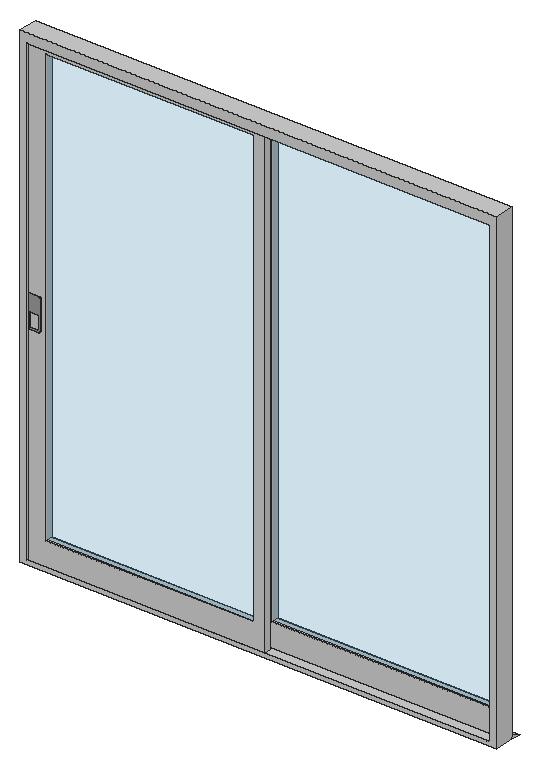
Revit family "Door-Slider-Fleetwood-3070-OX", category Doors, host Wall, Revit 2013
Parameters (values of type "Archetype Hardware_Narrow Fixed Stile")
  Wall_Thickness [instance] = 1' - 0"
  URL = "www.fleetwoodusa.com"
  Thickness = 0' 1 29/32" * Number_Of_Tracks  # 0' - 3 13/16"
  Rough Width = Width + 0' 0 1/2"  # 8' - 0 1/2"
  Rough Height = Height + 0' 0 1/4"  # 8' - 0 1/4"
  Panel_Height [instance] = Height - 0' 1 17/32"  # 7' - 10 15/32"
  Panel_2_Configuration = 3070_EX_Panel : Active Lead Panel Right Archetype
  Panel_2 = Width - Centerline_Calc + 0' 0 17/256"  # 4' - 0 17/256"
  Panel_1_Configuration = 3070_EX_Panel : Fixed Panel Narrow Fixed Stile
  Panel_1 = Centerline_Calc + 0' 0 71/256"  # 4' - 0 71/256"
  Number_Of_Tracks = 2  # constant formula
  Model = "3070"
  Manufacturer = "Fleetwood Windows and Doors"
  Interior Wrap Overhang = 0' - 0 1/2"
  Hardware = Stainless Steel, Brushed
  Glazing = Glass
  Frame_&_Panel = Aluminum, Anodized Clear
  Equal_Centerlines = if(Centerline_1 > 0' 6", 1 > 2, 1 < 2)  # yes
  Centerline_Calc = if(Centerline_1 < 0' 6", Width / 2, Centerline_1)  # 4' - 0"
  Centerline_1 = 0' - 0"
  Exterior Wrap Overhang = 0' - 0 1/2"
  Frame_Set_Back [instance] = (Wall_Thickness - Thickness) / 2  # 0' - 4 3/32"
  Function = Exterior
  Height = 8' - 0"
  Wall Closure = By host
  Width = 8' - 0"
  Configuration = "OX"
  Analytic Construction = "<None>"
  Actuator_Height = 4' - 5 3/4"
Types (6): name | Panel_2_Configuration | Panel_1_Configuration | Actuator_Height
  Archetype Hardware_Archetype Narrow Fixed Stile | 3070_EX_Panel : Active Lead Panel Right Archetype | 3070_EX_Panel : Fixed Panel Archetype Narrow Stile | 4' - 5 3/4"
  Archetype Hardware_Archetype Fixed Stile | 3070_EX_Panel : Active Lead Panel Right Archetype | 3070_EX_Panel : Fixed Panel Archetype Stile | 4' - 5 3/4"
  Archetype Narrow Hardware_Narrow Fixed Stile | 3070_EX_Panel : Active Lead Panel Right Archetype Narrow | 3070_EX_Panel : Fixed Panel Narrow Fixed Stile | 3' - 10"
  Archetype Narrow Hardware_Archetype Narrow Fixed Stile | 3070_EX_Panel : Active Lead Panel Right Archetype Narrow | 3070_EX_Panel : Fixed Panel Archetype Narrow Stile | 3' - 10"
  Archetype Narrow Hardware_Archetype Fixed Stile | 3070_EX_Panel : Active Lead Panel Right Archetype Narrow | 3070_EX_Panel : Fixed Panel Archetype Stile | 3' - 10"
  Archetype Hardware_Narrow Fixed Stile | 3070_EX_Panel : Active Lead Panel Right Archetype | 3070_EX_Panel : Fixed Panel Narrow Fixed Stile | 4' - 5 3/4"
Reference planes (in)
  plane 1 "Center (Front/Back)": y = 0
  plane 2 "Center (Left/Right)": x = 0
  plane 3 "Left": x = -48.25
  plane 4 "Right": x = 48.25
  plane 5 "Top": z = 96.25
  plane 6 "Exterior": y = 6
  plane 7 "Interior": y = -6
  plane 8 "Exterior Wrap Depth": y = 1.90625
  plane 9 "Interior Wrap Depth": y = -1.90625
  plane 10 "Right Frame": x = 48
  plane 11 "Left Frame": x = -48
  plane 12 "Exerier Wrap Left": x = -47.75
  plane 13 "Exterior Wrap Right": x = 47.5
  plane 14 "Exterior Wrap Top": z = 95.75
  plane 15 "Interior Wrap Left": x = -47.75
  plane 16 "Interior Wrap Right": x = 47.75
  plane 17 "Interior Wrap Top": z = 95.75
  plane 18 "Frame Top": z = 96
  plane 19 "Vent Height": z = 93.96094
  plane 20: x = -47.0275
  plane 21: x = 47.2421
  plane 22: z = 0.302
  plane 23: y = -0.95225
  plane 24: y = 0.954
Forms (in)
  Extrusion 1, void
    sketch origin (0, 0, 0) x (1, 0, 0) y (0, 1, 0)
      loop
        line (-47.75, 6) -> (-47.75, 1.90625) -> (47.5, 1.90625) -> (47.5, 6) -> (-47.75, 6)
    from 0 to 95.75
  Extrusion 2, void
    sketch origin (0, 0, 0) x (1, 0, 0) y (0, 1, 0)
      loop
        line (-48.25, 1.90625) -> (-48.25, -1.90625) -> (48.25, -1.90625) -> (48.25, 1.90625) -> (-48.25, 1.90625)
    from 0 to 96.25
  Extrusion 3, void
    sketch origin (0, 0, 0) x (1, 0, 0) y (0, 1, 0)
      loop
        line (-47.75, -1.90625) -> (-47.75, -6) -> (47.75, -6) -> (47.75, -1.90625) -> (-47.75, -1.90625)
    from 0 to 95.75
Lines and regions (in)
  symbolic lines
    curve 1: line (-47.75, 9, 0) -> (-35.75, 9, 0)
    curve 2: line (-39.75, 7, 0) -> (-35.75, 9, 0)
    curve 3: line (-39.75, 11, 0) -> (-35.75, 9, 0)
  symbolic lines, not visible
    curve 4: line (-41.80247, 12.37674, 0) -> (-29.80247, 12.37674, 0)
    curve 5: line (-33.80247, 10.37674, 0) -> (-29.80247, 12.37674, 0)
    curve 6: line (-33.80247, 14.37674, 0) -> (-29.80247, 12.37674, 0)
Text (in)
  text "Exterior" at (-74.96733, 27.31104, 0), in view "Ref. Level"
  text "Interior" at (-74.96733, -25.14366, 0), in view "Ref. Level"
  text "Exterior" at (0, 40.15149, 123.01588), in view "Right"
  text "Interior" at (0, -64.39139, 123.01588), in view "Right"
  text "Interior" at (0, -31.01599, 123.00693), in view "Left"
  text "Exterior" at (0, 54.57065, 123.00693), in view "Left"
Dimensions and locks (in)
  equal spacing: plane 3 "Left", plane 2 "Center (Left/Right)", plane 4 "Right"
  plane 3 "Left" to plane 4 "Right" = 8' - 0 1/2"
  "Frame_Set_Back": plane 8 "Exterior Wrap Depth" to plane 6 "Exterior"
  "Exterior Wrap Overhang": plane 13 "Exterior Wrap Right" to plane 10 "Right Frame"
  "Exterior Wrap Overhang": plane 3 "Left" to plane 12 "Exerier Wrap Left"
  "Thickness": plane 8 "Exterior Wrap Depth" to plane 9 "Interior Wrap Depth"
  "Exterior Wrap Overhang": plane 14 "Exterior Wrap Top" to plane 5 "Top"
  "Interior Wrap Overhang": plane 3 "Left" to plane 15 "Interior Wrap Left"
  "Interior Wrap Overhang": plane 16 "Interior Wrap Right" to plane 4 "Right"
  "Interior Wrap Overhang": plane 17 "Interior Wrap Top" to plane 5 "Top"
  "Rough Height": level to plane 5 "Top"
  "Rough Width": plane 3 "Left" to plane 4 "Right"
  "Width": plane 11 "Left Frame" to plane 10 "Right Frame"
  "Height": level to plane 18 "Frame Top"
  equal spacing: plane 11 "Left Frame", plane 2 "Center (Left/Right)", plane 10 "Right Frame"
  locked: plane 19 "Vent Height" to plane 18 "Frame Top" at 2.03906
  locked: plane 6 "Exterior" to curve 1 at 3
  "Wall_Thickness": host wall to host wall
  plane 11 "Left Frame" to plane 20 = 0' - 0.9725"
  locked: plane 21 to plane 10 "Right Frame" at 0.7579
  locked: level to plane 22 at 0.302
  locked: plane 23 to plane 9 "Interior Wrap Depth" at 0.954
  locked: plane 24 to plane 9 "Interior Wrap Depth" at 2.86025
  aligned and locked: plane 6 "Exterior" to host wall
  aligned and locked: plane 7 "Interior" to host wall
  aligned and locked: Extrusion 1 sketch curve to plane 8 "Exterior Wrap Depth"
  aligned and locked: plane 6 "Exterior" to Extrusion 1 sketch curve
  aligned and locked: plane 12 "Exerier Wrap Left" to Extrusion 1 sketch curve
  aligned and locked: plane 13 "Exterior Wrap Right" to Extrusion 1 sketch curve
  aligned and locked: Extrusion 1 to plane 14 "Exterior Wrap Top"
  aligned and locked: plane 4 "Right" to Extrusion 2 sketch curve
  aligned and locked: plane 8 "Exterior Wrap Depth" to Extrusion 2 sketch curve
  aligned and locked: plane 9 "Interior Wrap Depth" to Extrusion 2 sketch curve
  aligned and locked: Extrusion 2 sketch curve to plane 3 "Left"
  aligned and locked: Extrusion 2 to plane 5 "Top"
  aligned and locked: Extrusion 3 sketch curve to plane 15 "Interior Wrap Left"
  aligned and locked: plane 16 "Interior Wrap Right" to Extrusion 3 sketch curve
  aligned and locked: Extrusion 3 sketch curve to plane 9 "Interior Wrap Depth"
  aligned and locked: Extrusion 3 sketch curve to plane 7 "Interior"
  aligned and locked: Extrusion 3 to plane 17 "Interior Wrap Top"
  aligned and locked: plane 15 "Interior Wrap Left" to curve 1
  aligned and locked: plane 2 "Center (Left/Right)" to nested 1
  aligned and locked: nested 1 to plane 9 "Interior Wrap Depth"
  aligned and locked: plane 20 to nested 2
  aligned and locked: plane 23 to nested 2
  aligned and locked: plane 22 to nested 3
  aligned and locked: nested 3 to plane 24
  aligned and locked: plane 21 to nested 3
Nested families (in)
  nested 1: "3070-EX_Frame" at (0, 0, 0), Number_Of_Tracks <- "Number_Of_Tracks", Net Frame Width <- "Width", Net Frame Height <- "Height", Frame Finish <- "Frame_&_Panel", type "3070-EX_Frame"
    with Track Width 0' - 3 13/16", Sill_Riser yes, Number_Of_Tracks 2, Net Frame Width 8' - 0", Net Frame Height 8' - 0", Frame Finish Aluminum, Anodized Clear
  nested 2: "3070_EX_Panel" at (-23.0275, -0.95225, 0.302) x (-1, 0, 0) z (0, 0, 1), type <- "Panel_2_Configuration", Panel_Width <- "Panel_2", Panel_Height <- "Panel_Height", Glazing_Material <- "Glazing", Hardware_Finish <- "Hardware", Panel_Finish <- "Frame_&_Panel", Actuator_Height <- "Actuator_Height", type "Active Lead Panel Right Archetype"
    with Panel_Width 4' - 0 17/256", Panel_Height 7' - 10 15/32", Panel_Finish Aluminum, Anodized Clear, Hardware_Finish Stainless Steel, Brushed, Glazing_Material Glass, Glass_Width 3' - 6.02339", Actuator_Height 4' - 5 3/4"
  nested 3: "3070_EX_Panel" at (23.2421, 0.954, 0.302), type <- "Panel_1_Configuration", Panel_Width <- "Panel_1", Panel_Finish <- "Frame_&_Panel", Hardware_Finish <- "Hardware", Glazing_Material <- "Glazing", Panel_Height <- "Panel_Height", Actuator_Height <- "Actuator_Height", type "Fixed Panel Narrow Fixed Stile"
    with Panel_Width 4' - 0 71/256", Panel_Height 7' - 10 15/32", Panel_Finish Aluminum, Anodized Clear, Hardware_Finish Stainless Steel, Brushed, Glazing_Material Glass, Glass_Width 3' - 9.18363", Actuator_Height 4' - 5 3/4"
Definition of nested family "3070-EX_Frame"
  Parameters (values of type "3070-EX_Frame")
    Track Width [instance] = 0' 1 29/32" * Number_Of_Tracks  # 0' - 3 13/16"
    Sill_Riser [instance] = yes
    Number_Of_Tracks [instance] = 2
    Net Frame Width [instance] = 8' - 0"
    Net Frame Height [instance] = 8' - 0"
    Manufacturer = "Fleetwoo Windows And Doors"
    Frame Finish [instance] = Aluminum, Anodized Silver
    Default Elevation = 4' - 0"
  Reference planes (in)
    plane 1 "Center (Front/Back)": y = 0
    plane 2: z = 0
    plane 3 "Center (Left/Right)": x = 0
    plane 4: x = -48
    plane 5: x = 48
    plane 6: y = 1.90625
    plane 7: y = -1.90625
    plane 8: x = 46.65625
    plane 9: x = -46.65625
    plane 10: z = 0.71094
    plane 11: z = 96
    plane 12: z = 94.07422
    plane 13: y = 3.8125
  Forms (in)
    Extrusion 1, solid
      sketch origin (0, 0, 0) x (1, 0, 0) y (0, 1, 0)
        loop
          line (-48, 48) -> (-48, -48) -> (48, -48) -> (48, 48) -> (-48, 48)
      from 0 to -12
    Extrusion 2, solid, material "Aluminum, Anodized Silver" <- "Frame Finish"
      sketch origin (0, 0, 0) x (1, 0, 0) y (0, 0, 1)
        loop
          line (-48, 96) -> (-48, 0) -> (48, 0) -> (48, 96) -> (-48, 96)
        loop
          line (46.65625, 94.07422) -> (-46.65625, 94.07422) -> (-46.65625, 0.71094) -> (46.65625, 0.71094) -> (46.65625, 94.07422)
      from -1.90625 to 1.90625
    Extrusion 3, solid, material "Aluminum, Anodized Silver" <- "Frame Finish", visible <- "Sill_Riser"
      sketch origin (0, 0, 0) x (0, -1, 0) y (0, 0, -1)
        loop
          line (-1.90625, -0.71094) -> (-1.90625, 0) -> (-3.81425, 0) -> (-1.90625, -0.71094)
      from -48 to 48
  Lines and regions (in)
    Masking region 1
      outline origin (0, 0, 0) x (1, 0, 0) y (0, 1, 0)
        loop
          line (48, 1.90625) -> (-48, 1.90625) -> (-48, -1.90625) -> (48, -1.90625) -> (48, 1.90625)
    Masking region 2, visible <- "Sill_Riser"
      outline origin (0, 0, 0) x (1, 0, 0) y (0, 1, 0)
        loop
          line (48, 1.90625) -> (48, 3.8125) -> (-48, 3.8125) -> (-48, 1.90625) -> (48, 1.90625)
    symbolic lines
      curve 1: line (-46.65625, 1.90625, 0) -> (-46.65625, -1.90625, 0)
      curve 2: line (46.65625, 1.90625, 0) -> (46.65625, -1.90625, 0)
  Dimensions and locks (in)
    equal spacing: plane 4, plane 3 "Center (Left/Right)", plane 5
    "Net Frame Width": plane 4 to plane 5
    "Track Width": plane 7 to plane 6
    equal spacing: plane 7, plane 1 "Center (Front/Back)", plane 6
    locked: plane 8 to plane 5 at 1.34375
    locked: plane 4 to plane 9 at 1.34375
    locked: plane 10 to level at 0.71094
    "Net Frame Height": plane 11 to level
    locked: plane 11 to plane 12 at 1.92578
    locked: plane 6 to plane 13 at 1.90625
    aligned and locked: plane 2 to Extrusion 1
    aligned and locked: level to Extrusion 1
    aligned and locked: Extrusion 2 sketch curve to plane 11
    aligned and locked: plane 4 to Extrusion 2 sketch curve
    aligned and locked: Extrusion 2 sketch curve to plane 5
    aligned and locked: plane 2 to Extrusion 2 sketch curve
    aligned and locked: Extrusion 2 sketch curve to plane 9
    aligned and locked: Extrusion 2 sketch curve to plane 10
    aligned and locked: plane 8 to Extrusion 2 sketch curve
    aligned and locked: plane 12 to Extrusion 2 sketch curve
    aligned and locked: Extrusion 2 to plane 6
    aligned and locked: plane 7 to Extrusion 2
    aligned and locked: plane 10 to Extrusion 3
    aligned and locked: plane 6 to Extrusion 3
    aligned and locked: Extrusion 3 to Extrusion 1
    aligned and locked: Extrusion 1 to Extrusion 3
    aligned and locked: plane 5 to Extrusion 3
    aligned and locked: Extrusion 3 to plane 4
    aligned and locked: Masking region 1 sketch curve to plane 4
    aligned and locked: plane 7 to Masking region 1 sketch curve
    aligned and locked: Masking region 1 sketch curve to plane 6
    aligned and locked: plane 5 to Masking region 1 sketch curve
    aligned and locked: plane 4 to Masking region 2 sketch curve
    aligned and locked: plane 13 to Masking region 2 sketch curve
    aligned and locked: Masking region 2 sketch curve to plane 6
    aligned and locked: Masking region 2 sketch curve to plane 5
    aligned and locked: plane 6 to curve 1
    aligned and locked: plane 7 to curve 1
    aligned and locked: curve 1 to plane 9
    aligned and locked: plane 6 to curve 2
    aligned and locked: plane 7 to curve 2
    aligned and locked: curve 2 to plane 8
  Automatic sketch dimensions
    Extrusion 1 sketch curve to Extrusion 1 sketch curve = 8' - 0"  (x2)
    Extrusion 3 sketch curve to level = 0' - 0"
    Extrusion 3 sketch curve to plane 6 = 0' - 0"
    Extrusion 3 sketch curve to plane 10 = 0' - 0"
    Extrusion 3 sketch curve to plane 13 = 0' - 0.00175"
Definition of nested family "3070_EX_Panel"
  Parameters (values of type "Fixed Panel Archetype Narrow Stile")
    Top_Rail = if(Bottom_Rail_As_Top, 0' 5 19/128", 0' 1 59/128")  # 0' - 1 59/128"
    Stile_Condition = 2
    Sightline_Extender_Condition = 0
    Right_Stile = if(or(Archetype_Stile, Archetype_Inactive_Panel), 0' 3.9688", if(or(Archetype_Narrow_Inactive_Panel, Archetype_Narrow_Stile), 0' 2.9102", if(Narrow_Fixed_Stile, 0' 1.0195", 0' 2 19/256")))  # 0' - 2.9102"
    Panel_Width [instance] = 4' - 0"
    Panel_Height [instance] = 7' - 0"
    Panel_Finish [instance] = none
    Narrow_Fixed_Stile = Stile_Condition = 3  # no
    Model = ""
    Manufacturer = "Fleetwood Windows And Doors"
    Left_Stile = if([1_Sightline_Extender], 0' 3 19/256", if([2.5_Sightline_Extender], 0' 4 147/256", if([3.5_Sightline_Extender], 0' 5 147/256", 0' 2 19/256")))  # 0' - 2 19/256"
    Hardware_Finish [instance] = none
    Glass_Width [instance] = Panel_Width - (Right_Stile + Left_Stile)  # 3' - 7.01558"
    Double_Arrow = no
    Arrow = no
    Archetype_Narrow_Inactive_Panel = Stile_Condition = 9  # no
    Archetype_Narrow_Hardware_L = Stile_Condition = 7  # no
    Archetype_Narrow_Hardware = no
    Archetype_Inactive_Panel = Stile_Condition = 8  # no
    Archetype_Flush_Pulls = no
    Glazing_Material [instance] = none
    Glass_Thickness = 0' - 1"
    Description = ""
    Bottom_Rail_As_Top = no
    Bottom_Rail = 0' - 5 19/128"  # constant formula
    Archetype_Narrow_Stile = or(Stile_Condition = 2, Stile_Condition = 6, Stile_Condition = 7, Stile_Condition = 9)  # yes
    Archetype_Stile = or(Stile_Condition = 1, Stile_Condition = 4, Stile_Condition = 5, Stile_Condition = 8)  # no
    Archetype_Narrow_Hardware_R = Stile_Condition = 6  # no
    Archetype_Hardware_Right = Stile_Condition = 5  # no
    Archetype_Hardware_Left = Stile_Condition = 4  # no
    Archetype_Actuator = or(Archetype_Hardware_Right, Archetype_Hardware_Left)  # no
    Actuator_Height [instance] = 4' - 5 3/4"
    3.5_Sightline_Extender = Sightline_Extender_Condition = 3  # no
    2.5_Sightline_Extender = Sightline_Extender_Condition = 2  # no
    1_Sightline_Extender = Sightline_Extender_Condition = 1  # no
  Types (13): name | Stile_Condition | Sightline_Extender_Condition | Right_Stile | Narrow_Fixed_Stile | Left_Stile | Glass_Width | Double_Arrow | Arrow | Archetype_Narrow_Inactive_Panel | Archetype_Narrow_Hardware_L | Archetype_Narrow_Hardware | Archetype_Inactive_Panel | Archetype_Flush_Pulls | Description | Archetype_Narrow_Stile | Archetype_Stile | Archetype_Narrow_Hardware_R | Archetype_Hardware_Right | Archetype_Hardware_Left | Archetype_Actuator | Actuator_Height | 3.5_Sightline_Extender | 2.5_Sightline_Extender | 1_Sightline_Extender
    Sliding Panel  Interlock and Interlock | 0 | 0 | 0' - 2 19/256" | no | 0' - 2 19/256" | 3' - 7 109/128" | yes | yes | no | no | no | no | no | "" | no | no | no | no | no | no | 4' - 5 3/4" | no | no | no
    Pocket Panel 1" Sightline Extender | 0 | 1 | 0' - 2 19/256" | no | 0' - 3 19/256" | 3' - 6 109/128" | no | yes | no | no | no | no | no | "" | no | no | no | no | no | no | 4' - 5 3/4" | no | no | yes
    Pocket Panel 2.5" Sightline Extender | 0 | 2 | 0' - 2 19/256" | no | 0' - 4 147/256" | 3' - 5 45/128" | no | yes | no | no | no | no | no | "" | no | no | no | no | no | no | 4' - 5 3/4" | no | yes | no
    Pocket Panel 3.5" Sightline Extender | 0 | 3 | 0' - 2 19/256" | no | 0' - 5 147/256" | 3' - 4 45/128" | no | yes | no | no | no | no | no | "" | no | no | no | no | no | no | 4' - 5 3/4" | yes | no | no
    Active Lead Panel Right Archetype | 5 | 0 | 0' - 3.9688" | no | 0' - 2 19/256" | 3' - 5.95698" | no | yes | no | no | no | no | yes | "Fleetwood Sliding Door Panel" | no | yes | no | yes | no | yes | 4' - 5 15/16" | no | no | no
    Active Lead Panel Right Archetype Narrow | 6 | 0 | 0' - 2.9102" | no | 0' - 2 19/256" | 3' - 7.01558" | no | yes | no | no | yes | no | no | "" | yes | no | yes | no | no | no | 4' - 5 3/4" | no | no | no
    Fixed Panel Narrow Fixed Stile | 3 | 0 | 0' - 1.0195" | yes | 0' - 2 19/256" | 3' - 8.90628" | no | no | no | no | no | no | no | "" | no | no | no | no | no | no | 4' - 5 3/4" | no | no | no
    Fixed Panel Archetype Narrow Stile | 2 | 0 | 0' - 2.9102" | no | 0' - 2 19/256" | 3' - 7.01558" | no | no | no | no | no | no | no | "" | yes | no | no | no | no | no | 4' - 5 3/4" | no | no | no
    Fixed Panel Archetype Stile | 1 | 0 | 0' - 3.9688" | no | 0' - 2 19/256" | 3' - 5.95698" | no | no | no | no | no | no | no | "" | no | yes | no | no | no | no | 4' - 5 3/4" | no | no | no
    Active Lead Panel Left Archetype | 4 | 0 | 0' - 3.9688" | no | 0' - 2 19/256" | 3' - 5.95698" | no | yes | no | no | no | no | yes | "" | no | yes | no | no | yes | yes | 4' - 5 15/16" | no | no | no
    Active Lead Panel Left Archetype Narrow | 7 | 0 | 0' - 2.9102" | no | 0' - 2 19/256" | 3' - 7.01558" | no | yes | no | yes | yes | no | no | "" | yes | no | no | no | no | no | 4' - 5 3/4" | no | no | no
    Archetype_Inactive_Panel | 8 | 0 | 0' - 3.9688" | no | 0' - 2 19/256" | 3' - 5.95698" | no | yes | no | no | no | yes | no | "" | no | yes | no | no | no | no | 4' - 5 3/4" | no | no | no
    Archetype_Narrow_Inactive_Panel | 9 | 0 | 0' - 2.9102" | no | 0' - 2 19/256" | 3' - 7.01558" | no | yes | yes | no | yes | no | no | "" | yes | no | no | no | no | no | 4' - 5 3/4" | no | no | no
  Reference planes (in)
    plane 1 "Center (Front/Back)": y = 0
    plane 2: z = 0
    plane 3 "Center (Left/Right)": x = 0
    plane 4: y = -0.71484
    plane 5: y = 0.71484
    plane 6: x = -24
    plane 7: x = 24
    plane 8: z = 84
    plane 9: z = 5.14844
    plane 10: z = 82.53906
    plane 11: x = 21.0898
    plane 12: x = -21.92578
    plane 13: y = 0.5
    plane 14: y = -0.5
    plane 15: z = 53.75
    plane 16: x = 22.22656
    plane 17: y = 0
    plane 18: x = 22.74609
    plane 19: x = -22.96289
    plane 20: z = 42
    plane 21: x = -6
    plane 22: x = 6
    plane 23: x = -2
    plane 24: x = 2
  Forms (in)
    Extrusion 1, solid, material <- "Panel_Finish"
      sketch origin (0, 0, 0) x (1, 0, 0) y (0, 0, 1)
        loop
          line (24, 84) -> (-24, 84) -> (-24, 0) -> (24, 0) -> (24, 84)
        loop
          line (-21.92578, 5.14844) -> (21.0898, 5.14844) -> (21.0898, 82.53906) -> (-21.92578, 82.53906) -> (-21.92578, 5.14844)
      from -0.71484 to 0.71484
    Extrusion 2, solid, material <- "Glazing_Material"
      sketch origin (0, 0, 0) x (1, 0, 0) y (0, 0, 1)
        loop
          line (-21.92578, 82.53906) -> (-21.92578, 5.14844) -> (21.0898, 5.14844) -> (21.0898, 82.53906) -> (-21.92578, 82.53906)
      from -0.5 to 0.5
  Lines and regions (in)
    Masking region 1
      outline origin (0, 0, 0) x (1, 0, 0) y (0, 1, 0)
        loop
          line (-24, 0.71484) -> (-24, -0.71484) -> (24, -0.71484) -> (24, 0.71484) -> (-24, 0.71484)
    symbolic lines, visible <- "Arrow"
      curve 1: line (6, -0.71484, 42) -> (-6, -0.71484, 42)
      curve 2: line (-2, -0.71484, 40) -> (-6, -0.71484, 42)
      curve 3: line (-2, -0.71484, 44) -> (-6, -0.71484, 42)
    symbolic lines, visible <- "Double_Arrow"
      curve 4: line (2, -0.71484, 40) -> (6, -0.71484, 42)
      curve 5: line (2, -0.71484, 44) -> (6, -0.71484, 42)
  Dimensions and locks (in)
    equal spacing: plane 4, plane 1 "Center (Front/Back)", plane 5
    locked: plane 4 to plane 5 at 1.42969
    equal spacing: plane 6, plane 3 "Center (Left/Right)", plane 7
    "Panel_Width": plane 6 to plane 7
    "Panel_Height": plane 8 to plane 2
    "Bottom_Rail": plane 9 to level
    "Right_Stile": plane 7 to plane 11
    "Left_Stile": plane 12 to plane 6
    "Top_Rail": plane 8 to plane 10
    equal spacing: plane 14, plane 1 "Center (Front/Back)", plane 13
    "Glass_Thickness": plane 14 to plane 13
    "Actuator_Height": plane 15 to level
    locked: plane 7 to plane 16 at 1.77344
    locked: plane 18 to plane 7 at 1.25391
    locked: plane 6 to plane 19 at 1.03711
    equal spacing: plane 8, plane 20, level
    plane 22 to plane 3 "Center (Left/Right)" to plane 21 = 0' - 6" locked, 0' - 6" locked
    locked: plane 23 to plane 21 at 4
    locked: plane 22 to plane 24 at 4
    curve 3 to plane 20 to curve 2 = 0' - 2" locked, 0' - 2" locked
    locked: plane 15 to nested 1 at 5
    aligned and locked: plane 2 to level
    aligned and locked: plane 8 to Extrusion 1 sketch curve
    aligned and locked: plane 7 to Extrusion 1 sketch curve
    aligned and locked: Extrusion 1 sketch curve to plane 2
    aligned and locked: Extrusion 1 sketch curve to plane 6
    aligned and locked: Extrusion 1 sketch curve to plane 12
    aligned and locked: plane 10 to Extrusion 1 sketch curve
    aligned and locked: plane 11 to Extrusion 1 sketch curve
    aligned and locked: Extrusion 1 sketch curve to plane 9
    aligned and locked: Extrusion 1 to plane 5
    aligned and locked: plane 4 to Extrusion 1
    aligned and locked: Extrusion 2 sketch curve to plane 10
    aligned and locked: plane 12 to Extrusion 2 sketch curve
    aligned and locked: plane 9 to Extrusion 2 sketch curve
    aligned and locked: Extrusion 2 sketch curve to plane 11
    aligned and locked: Extrusion 2 to plane 13
    aligned and locked: plane 14 to Extrusion 2
    aligned and locked: plane 1 "Center (Front/Back)" to nested 1
    aligned and locked: plane 16 to nested 1
    aligned and locked: plane 15 to nested 2
    aligned and locked: plane 18 to nested 2
    aligned and locked: plane 1 "Center (Front/Back)" to nested 2
    aligned and locked: plane 5 to Masking region 1 sketch curve
    aligned and locked: plane 6 to Masking region 1 sketch curve
    aligned and locked: Masking region 1 sketch curve to plane 4
    aligned and locked: Masking region 1 sketch curve to plane 7
    aligned and locked: plane 21 to curve 2
    aligned and locked: curve 1 to curve 2
    aligned and locked: plane 20 to curve 1
    aligned and locked: plane 24 to curve 5
    aligned and locked: plane 24 to curve 4
    aligned and locked: plane 22 to curve 5
    aligned and locked: nested 3 to plane 15
    aligned and locked: plane 16 to nested 3
    aligned and locked: nested 3 to plane 1 "Center (Front/Back)"
    aligned and locked: nested 4 to plane 1 "Center (Front/Back)"
    aligned and locked: nested 4 to plane 16
  Automatic sketch dimensions
    curve 2 to plane 23 = 0' - 0"
    curve 3 to plane 23 = 0' - 0"
    curve 4 to plane 20 = 0' - 2"
    plane 20 to curve 5 = 0' - 2"
  Nested families (in)
    nested 1: "Archetype_Flush_Pulls" at (22.22656, 0, 42.25), Finish <- "Hardware_Finish", visible <- "Archetype_Flush_Pulls", type "Archetype_Flush_Pulls"
      with Finish none
    nested 2: "Archetype_Narrow_Hardware" at (22.74609, 0, 53.75), Finish <- "Hardware_Finish", Left <- "Archetype_Narrow_Hardware_L", visible <- "Archetype_Narrow_Hardware", Right <- "Archetype_Narrow_Hardware_R", type "Archetype_Narrow_Hardware", detail levels fine
      with Right no, Pulls_Only yes, Left no, Finish none
    nested 3: "Archetype_Actuator" at (22.22656, 0, 53.75) x (1, 0, 0) z (0, -1, 0), Finish <- "Hardware_Finish", visible <- "Archetype_Hardware_Left", type "Archetype_Actuator"
      with Finish none
    nested 4: "Archetype_Actuator" at (22.22656, 0, 53.9375) x (1, 0, 0) z (0, 1, 0), Finish <- "Hardware_Finish", visible <- "Archetype_Hardware_Right", type "Archetype_Actuator"
      with Finish none
  Definition of nested family "Archetype_Flush_Pulls"
    Parameters (values of type "Archetype_Flush_Pulls")
      Finish [instance] = none
    Reference planes (in)
      plane 1 "Center (Front/Back)": y = 0
      plane 2: z = 0
      plane 3 "Center (Left/Right)": x = 0
      plane 4: z = 6.5
      plane 5: z = 0.27344
      plane 6: z = 3.07422
      plane 7: y = -0.80469
      plane 8: y = 0.80469
      plane 9: y = -0.80469
      plane 10: x = 1.1875
      plane 11: x = -1.1875
      plane 12: x = 0.91406
      plane 13: x = -0.91406
      plane 14 "ext": y = -0.80469
      plane 15 "int": y = 0.80469
      plane 16: z = 6.21875
      plane 17: z = 3.35547
    Forms (in)
      Extrusion 1, solid, material <- "Finish", detail levels fine
        sketch origin (0, 0, 0) x (1, 0, 0) y (0, 0, 1)
          loop
            arc (-0.9375, 6.5) -> (-1.11428, 6.42678) -> (-1.1875, 6.25) r 0.25
            line (-1.1875, 6.25) -> (-1.1875, 0.25)
            arc (-1.1875, 0.25) -> (-1.11428, 0.07322) -> (-0.9375, 0) r 0.25
            line (-0.9375, 0) -> (0.9375, 0)
            arc (0.9375, 0) -> (1.11428, 0.07322) -> (1.1875, 0.25) r 0.25
            line (1.1875, 0.25) -> (1.1875, 6.25)
            arc (1.1875, 6.25) -> (1.11428, 6.42678) -> (0.9375, 6.5) r 0.25
            line (0.9375, 6.5) -> (-0.9375, 6.5)
        from -0.80469 to 0.80469
      Extrusion 2, void
        sketch origin (0, -0.80469, 0) x (-1, 0, 0) y (0, 0, 1)
          loop
            line (0.78906, 3.07422) -> (-0.78906, 3.07422)
            arc (-0.78906, 3.07422) -> (-0.87745, 3.03761) -> (-0.91406, 2.94922) r 0.125
            line (-0.91406, 2.94922) -> (-0.91406, 0.39844)
            arc (-0.91406, 0.39844) -> (-0.87745, 0.31005) -> (-0.78906, 0.27344) r 0.125
            line (-0.78906, 0.27344) -> (0.78906, 0.27344)
            arc (0.78906, 0.27344) -> (0.87745, 0.31005) -> (0.91406, 0.39844) r 0.125
            line (0.91406, 0.39844) -> (0.91406, 2.94922)
            arc (0.91406, 2.94922) -> (0.87745, 3.03761) -> (0.78906, 3.07422) r 0.125
        from 0 to 1
      Extrusion 3, void
        sketch origin (0, 0.80469, 0) x (-1, 0, 0) y (0, 0, 1)
          loop
            arc (-0.78906, 6.21875) -> (-0.87745, 6.18214) -> (-0.91406, 6.09375) r 0.125
            line (-0.91406, 6.09375) -> (-0.91406, 3.48047)
            arc (-0.91406, 3.48047) -> (-0.87745, 3.39208) -> (-0.78906, 3.35547) r 0.125
            line (-0.78906, 3.35547) -> (0.78906, 3.35547)
            arc (0.78906, 3.35547) -> (0.87745, 3.39208) -> (0.91406, 3.48047) r 0.125
            line (0.91406, 3.48047) -> (0.91406, 6.09375)
            arc (0.91406, 6.09375) -> (0.87745, 6.18214) -> (0.78906, 6.21875) r 0.125
            line (0.78906, 6.21875) -> (-0.78906, 6.21875)
        from 0 to -1
    Cuts and joins
      Extrusion 2, Extrusion 3 cuts Extrusion 1
    Dimensions and locks (in)
      locked: plane 4 to level at 6.5
      locked: plane 11 to plane 10 at 2.375
      locked: plane 12 to plane 10 at 0.27344
      locked: plane 11 to plane 13 at 0.27344
      locked: plane 6 to plane 5 at 2.80078
      equal spacing: plane 15 "int", plane 1 "Center (Front/Back)", plane 14 "ext"
      locked: plane 15 "int" to plane 14 "ext" at 1.60938
      locked: plane 5 to level at 0.27344
      locked: plane 4 to plane 16 at 0.28125
      locked: plane 17 to plane 6 at 0.28125
      aligned and locked: plane 2 to level
      aligned and locked: Extrusion 2 sketch curve to plane 6
      aligned and locked: plane 12 to Extrusion 2 sketch curve
      aligned and locked: plane 5 to Extrusion 2 sketch curve
      aligned and locked: Extrusion 2 sketch curve to plane 13
      aligned and locked: plane 12 to Extrusion 3 sketch curve
      aligned and locked: Extrusion 3 sketch curve to plane 16
      aligned and locked: Extrusion 3 sketch curve to plane 13
      aligned and locked: plane 17 to Extrusion 3 sketch curve
    Automatic sketch dimensions
      plane 11 to Extrusion 1 sketch curve = 0' - 0"
      Extrusion 1 sketch curve to level = 0' - 0"
      Extrusion 1 sketch curve to plane 4 = 0' - 0"
      plane 10 to Extrusion 1 sketch curve = 0' - 0"
      Extrusion 1 sketch curve to plane 5 = 0' - 0 3/128"
      plane 13 to Extrusion 1 sketch curve = 0' - 0 3/128"
      Extrusion 1 sketch curve to plane 12 = 0' - 0 3/128"  (x2)
      plane 12 to Extrusion 2 sketch curve = 0' - 0 1/8"  (x2)
      Extrusion 2 sketch curve to plane 13 = 0' - 0 1/8"  (x2)
      plane 12 to Extrusion 3 sketch curve = 0' - 0 1/8"  (x2)
      Extrusion 3 sketch curve to plane 13 = 0' - 0 1/8"  (x2)
  Definition of nested family "Archetype_Narrow_Hardware"
    Parameters (values of type "Archetype_Narrow_Hardware")
      Right [instance] = no
      Pulls_Only [instance] = if(or(Right, Left), 1 > 2, 1 < 2)  # yes
      Left [instance] = no
      Finish [instance] = none
    Reference planes (in)
      plane 1 "Center (Front/Back)": y = 0
      plane 2 "Actuator_Height": z = 0
      plane 3 "Center (Left/Right)": x = 0
      plane 4 "ext": y = 0.78906
      plane 5 "int": y = -0.78906
      plane 6: x = -0.6875
      plane 7: x = 0.6875
      plane 8: z = -1.75
      plane 9: z = 2.8125
      plane 10: z = 2.60547
      plane 11: x = 0.48047
      plane 12: x = -0.48047
      plane 13: z = -1.54297
      plane 14: z = 0.1875
      plane 15: z = -0.1875
      plane 16: z = 1.32031
      plane 17: z = 0
    Forms (in)
      Extrusion 1, solid, material <- "Finish", detail levels fine
        sketch origin (0, 0, 0) x (1, 0, 0) y (0, 0, 1)
          loop
            arc (-0.5625, 2.8125) -> (-0.65089, 2.77589) -> (-0.6875, 2.6875) r 0.125
            line (-0.6875, 2.6875) -> (-0.6875, -1.625)
            arc (-0.6875, -1.625) -> (-0.65089, -1.71339) -> (-0.5625, -1.75) r 0.125
            line (-0.5625, -1.75) -> (0.5625, -1.75)
            arc (0.5625, -1.75) -> (0.65089, -1.71339) -> (0.6875, -1.625) r 0.125
            line (0.6875, -1.625) -> (0.6875, 2.6875)
            arc (0.6875, 2.6875) -> (0.65089, 2.77589) -> (0.5625, 2.8125) r 0.125
            line (0.5625, 2.8125) -> (-0.5625, 2.8125)
        from -0.78906 to 0.78906
    Lines and regions (in)
      model lines, detail levels fine
        curve 1: line (0.5625, -0.78906, 2.8125) -> (-0.5625, -0.78906, 2.8125)
        curve 2: arc (0.6875, -0.78906, 2.6875) -> (0.65089, -0.78906, 2.77589) -> (0.5625, -0.78906, 2.8125) r 0.125
        curve 3: line (0.6875, -0.78906, -1.625) -> (0.6875, -0.78906, 2.6875)
        curve 4: arc (0.5625, -0.78906, -1.75) -> (0.65089, -0.78906, -1.71339) -> (0.6875, -0.78906, -1.625) r 0.125
        curve 5: line (-0.5625, -0.78906, -1.75) -> (0.5625, -0.78906, -1.75)
        curve 6: arc (-0.6875, -0.78906, -1.625) -> (-0.65089, -0.78906, -1.71339) -> (-0.5625, -0.78906, -1.75) r 0.125
        curve 7: line (-0.6875, -0.78906, 2.6875) -> (-0.6875, -0.78906, -1.625)
        curve 8: arc (-0.5625, -0.78906, 2.8125) -> (-0.65089, -0.78906, 2.77589) -> (-0.6875, -0.78906, 2.6875) r 0.125
        curve 9: line (-0.38672, -0.78906, 2.60547) -> (0.38672, -0.78906, 2.60547)
        curve 10: line (-0.48047, -0.78906, -1.44922) -> (-0.48047, -0.78906, 2.51172)
        curve 11: line (0.38672, -0.78906, -1.54297) -> (-0.38672, -0.78906, -1.54297)
        curve 12: line (0.48047, -0.78906, 2.51172) -> (0.48047, -0.78906, -1.44922)
        curve 13: arc (-0.48047, -0.78906, 2.51172) -> (-0.45301, -0.78906, 2.57801) -> (-0.38672, -0.78906, 2.60547) r 0.09375
        curve 14: arc (0.38672, -0.78906, 2.60547) -> (0.45301, -0.78906, 2.57801) -> (0.48047, -0.78906, 2.51172) r 0.09375
        curve 15: arc (0.48047, -0.78906, -1.44922) -> (0.45301, -0.78906, -1.51551) -> (0.38672, -0.78906, -1.54297) r 0.09375
        curve 16: arc (-0.38672, -0.78906, -1.54297) -> (-0.45301, -0.78906, -1.51551) -> (-0.48047, -0.78906, -1.44922) r 0.09375
        curve 17: line (0.5625, 0.78906, 2.8125) -> (-0.5625, 0.78906, 2.8125)
        curve 18: arc (0.6875, 0.78906, 2.6875) -> (0.65089, 0.78906, 2.77589) -> (0.5625, 0.78906, 2.8125) r 0.125
        curve 19: line (0.6875, 0.78906, -1.625) -> (0.6875, 0.78906, 2.6875)
        curve 20: arc (0.5625, 0.78906, -1.75) -> (0.65089, 0.78906, -1.71339) -> (0.6875, 0.78906, -1.625) r 0.125
        curve 21: line (-0.5625, 0.78906, -1.75) -> (0.5625, 0.78906, -1.75)
        curve 22: arc (-0.6875, 0.78906, -1.625) -> (-0.65089, 0.78906, -1.71339) -> (-0.5625, 0.78906, -1.75) r 0.125
        curve 23: line (-0.6875, 0.78906, 2.6875) -> (-0.6875, 0.78906, -1.625)
        curve 24: arc (-0.5625, 0.78906, 2.8125) -> (-0.65089, 0.78906, 2.77589) -> (-0.6875, 0.78906, 2.6875) r 0.125
        curve 25: line (-0.38672, 0.78906, 2.60547) -> (0.38672, 0.78906, 2.60547)
        curve 26: line (-0.48047, 0.78906, -1.44922) -> (-0.48047, 0.78906, 2.51172)
        curve 27: line (0.38672, 0.78906, -1.54297) -> (-0.38672, 0.78906, -1.54297)
        curve 28: line (0.48047, 0.78906, 2.51172) -> (0.48047, 0.78906, -1.44922)
        curve 29: arc (-0.48047, 0.78906, 2.51172) -> (-0.45301, 0.78906, 2.57801) -> (-0.38672, 0.78906, 2.60547) r 0.09375
        curve 30: arc (0.38672, 0.78906, 2.60547) -> (0.45301, 0.78906, 2.57801) -> (0.48047, 0.78906, 2.51172) r 0.09375
        curve 31: arc (0.48047, 0.78906, -1.44922) -> (0.45301, 0.78906, -1.51551) -> (0.38672, 0.78906, -1.54297) r 0.09375
        curve 32: arc (-0.38672, 0.78906, -1.54297) -> (-0.45301, 0.78906, -1.51551) -> (-0.48047, 0.78906, -1.44922) r 0.09375
      model lines, visible <- "Left", detail levels fine
        curve 33: line (0.48047, 0.78906, 1.32031) -> (-0.48047, 0.78906, 1.32031)
        curve 34: line (-0.48047, 0.78906, 0.1875) -> (0.48047, 0.78906, 0.1875)
        curve 35: line (0.48047, 0.78906, -0.1875) -> (-0.48047, 0.78906, -0.1875)
      model lines, visible <- "Right", detail levels fine
        curve 36: line (0.48047, -0.78906, 1.32031) -> (-0.48047, -0.78906, 1.32031)
        curve 37: line (-0.48047, -0.78906, 0.1875) -> (0.48047, -0.78906, 0.1875)
        curve 38: line (0.48047, -0.78906, -0.1875) -> (-0.48047, -0.78906, -0.1875)
    Dimensions and locks (in)
      equal spacing: plane 5 "int", plane 1 "Center (Front/Back)", plane 4 "ext"
      plane 5 "int" to plane 4 "ext" = 0' - 1 37/64"
      equal spacing: plane 6, plane 3 "Center (Left/Right)", plane 7
      locked: plane 6 to plane 7 at 1.375
      locked: level to plane 8 at 1.75
      locked: plane 9 to level at 2.8125
      locked: plane 9 to plane 10 at 0.20703
      locked: plane 13 to plane 8 at 0.20703
      locked: plane 7 to plane 11 at 0.20703
      locked: plane 12 to plane 6 at 0.20703
      plane 15 to level to plane 14 to plane 16 = 0' - 0 3/16" locked, 0' - 0 3/16" locked, 0' - 1 17/128" locked
      aligned and locked: plane 2 "Actuator_Height" to level
      aligned and locked: Extrusion 1 sketch curve to plane 9
      aligned and locked: Extrusion 1 sketch curve to plane 7
      aligned and locked: plane 6 to Extrusion 1 sketch curve
      aligned and locked: plane 8 to Extrusion 1 sketch curve
      aligned and locked: plane 5 "int" to Extrusion 1
      aligned and locked: Extrusion 1 to plane 4 "ext"
      aligned and locked: curve 2 to Extrusion 1
      aligned and locked: curve 4 to Extrusion 1
      aligned and locked: curve 6 to Extrusion 1
      aligned and locked: curve 8 to Extrusion 1
      aligned and locked: curve 9 to plane 10
      aligned and locked: curve 12 to plane 11
      aligned and locked: plane 13 to curve 11
      aligned and locked: plane 12 to curve 10
      aligned and locked: plane 10 to curve 25
      aligned and locked: curve 17 to plane 9
      aligned and locked: plane 8 to curve 21
      aligned and locked: curve 27 to plane 13
      aligned and locked: plane 6 to curve 23
      aligned and locked: curve 19 to plane 7
      aligned and locked: plane 11 to curve 33
      aligned and locked: plane 12 to curve 34
      aligned and locked: plane 11 to curve 35
      aligned and locked: plane 12 to curve 35
      aligned and locked: curve 33 to plane 16
      aligned and locked: plane 14 to curve 34
      aligned and locked: curve 35 to plane 15
      aligned and locked: plane 11 to curve 36
      aligned and locked: plane 12 to curve 36
      aligned and locked: plane 15 to curve 38
      aligned and locked: curve 37 to plane 14
      aligned and locked: plane 16 to curve 36
      aligned and locked: plane 2 "Actuator_Height" to plane 17
    Automatic sketch dimensions
      plane 8 to Extrusion 1 sketch curve = 0' - 0 1/8"
      plane 6 to Extrusion 1 sketch curve = 0' - 0 1/8"
      Extrusion 1 sketch curve to plane 7 = 0' - 0 1/8"  (x2)
      curve 21 to plane 12 = 0' - 0 21/256"
      curve 19 to plane 13 = 0' - 0 21/256"
      curve 17 to plane 12 = 0' - 0 21/256"
      plane 12 to curve 25 = 0' - 0 3/32"
      plane 12 to curve 27 = 0' - 0 3/32"
      curve 27 to plane 11 = 0' - 0 3/32"
      curve 25 to plane 11 = 0' - 0 3/32"
      plane 11 to curve 17 = 0' - 0 21/256"
      plane 12 to curve 9 = 0' - 0 3/32"
      plane 13 to curve 12 = 0' - 0 3/32"
      plane 12 to curve 11 = 0' - 0 3/32"
      curve 9 to plane 11 = 0' - 0 3/32"
  Definition of nested family "Archetype_Actuator"
    Parameters (values of type "Archetype_Actuator")
      Finish [instance] = none
    Reference planes (in)
      plane 1 "Center (Front/Back)": y = 0
      plane 2: z = 0
      plane 3 "Center (Left/Right)": x = 0
      plane 4: y = 1.1875
      plane 5: y = -1.1875
      plane 6: x = -1.1875
      plane 7: x = 1.1875
      plane 8: x = 0.91016
      plane 9: x = -0.91016
      plane 10: y = 0.91016
      plane 11: y = -0.91016
    Forms (in)
      Extrusion 1, solid, material <- "Finish"
        sketch origin (0, 0, 0) x (1, 0, 0) y (0, 1, 0)
          loop
            arc (-0.9375, 1.1875) -> (-1.11428, 1.11428) -> (-1.1875, 0.9375) r 0.25
            line (-1.1875, 0.9375) -> (-1.1875, -0.9375)
            arc (-1.1875, -0.9375) -> (-1.11428, -1.11428) -> (-0.9375, -1.1875) r 0.25
            line (-0.9375, -1.1875) -> (0.9375, -1.1875)
            arc (0.9375, -1.1875) -> (1.11428, -1.11428) -> (1.1875, -0.9375) r 0.25
            line (1.1875, -0.9375) -> (1.1875, 0.9375)
            arc (1.1875, 0.9375) -> (1.11428, 1.11428) -> (0.9375, 1.1875) r 0.25
            line (0.9375, 1.1875) -> (-0.9375, 1.1875)
        from 0 to 0.80469
    Dimensions and locks (in)
      aligned and locked: plane 2 to level
